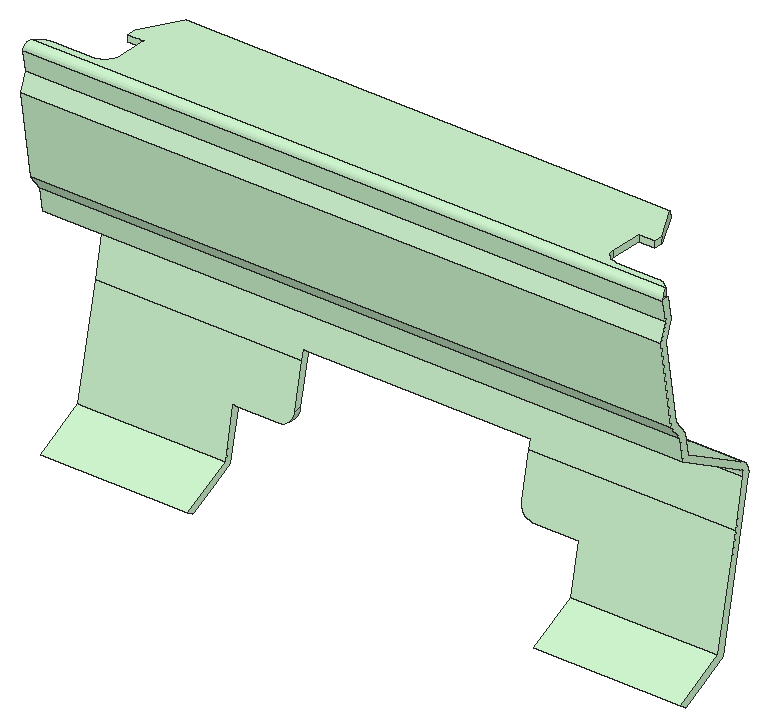
Revit family "spacer_ws75", category 機械設備, Revit 2020
Family settings
  丸型コネクタ寸法 = 直径を使用
  種別 = なし
  パーツ タイプ = 標準
  作業面ベース = いいえ
  常に垂直 = はい
  ロード時にボイドで切り取り = いいえ
  共有 = いいえ
  部屋計算ポイント = いいえ
Parameters
  製造元 = "株式会社桐井製作所"
  既定の高さ = 0 mm
  URL = "https://www.kirii.co.jp/"
  K_材質 = "SGCCまたはSGHC　一般用"
  K_品名 = "WS-75スペーサー"
  K_名称 = "スペーサー"
  K_単位質量(kg/個) = 0.032
  K_入数 = "600"
  K_バージョン情報 = "20210524"
  K_めっき付着量 = "Z12"
  K_JIS規格 = "JIS G 3302"
  K_JIS外 [instance] = not(K_JIS)  # no
  K_JIS [instance] = yes
Reference planes
  plane 1 "中心(正面/背面)": y = 0
  plane 2: z = 0
  plane 3 "中心(左/右)": x = 0
Forms (mm)
  Extrusion 1, solid
    sketch origin (0, 0, 0) x (0, 0.987688, 0.156434) y (0, -0.156434, 0.987688)
      loop
        line (0, 0) -> (-10.631, 1.684)
        arc (-10.631, 1.684) -> (-11.276, 1.502) -> (-11.556, 0.894) r 0.8
        line (-11.556, 0.894) -> (-11.556, -1.17) -> (-12.556, -2.902) -> (-12.556, -11.902) -> (-11.556, -13.634) -> (-11.556, -16.134) -> (-4.458, -21.483)
        arc (-4.458, -21.483) -> (-4.17, -21.901) -> (-4.193, -22.408) r 0.8
        line (-4.193, -22.408) -> (-5.984, -27.075) -> (-10.062, -37.698) -> (-15.555, -39.59) -> (-14.96, -40.126) -> (-12.168, -39.164) -> (-9.525, -38.253) -> (-3.539, -22.659)
        arc (-3.539, -22.659) -> (-3.498, -21.708) -> (-4.037, -20.923) r 1.5
        line (-4.037, -20.923) -> (-10.856, -15.785) -> (-10.856, -13.446) -> (-11.856, -11.714) -> (-11.856, -3.089) -> (-10.856, -1.357) -> (-10.856, 1.011) -> (0.274, -0.752) -> (0, 0)
    from -35 to 35
  Extrusion 2, void
    sketch origin (0, 0, 0) x (1, 0, 0) y (0, 1, 0)
      loop
        line (-28.8, -4.947) -> (-28.8, -3.947) -> (-26.5, 0.053) -> (26.5, 0.053) -> (28.8, -3.947) -> (28.8, -4.947) -> (27.05, -4.947) -> (27.05, -8.447)
        arc (27.05, -8.447) -> (27.489, -9.508) -> (28.55, -9.947) r 1.5
        line (28.55, -9.947) -> (33, -9.947)
        arc (33, -9.947) -> (34.414, -10.533) -> (35, -11.947) r 2
        line (35, -11.947) -> (35.8, -11.947) -> (35.8, 0.662) -> (-37.314, 0.662) -> (-37.314, -11.947) -> (-35, -11.947)
        arc (-35, -11.947) -> (-34.414, -10.533) -> (-33, -9.947) r 2
        line (-33, -9.947) -> (-28.55, -9.947)
        arc (-28.55, -9.947) -> (-27.489, -9.508) -> (-27.05, -8.447) r 1.5
        line (-27.05, -8.447) -> (-27.05, -4.947) -> (-28.8, -4.947)
    from -0.7 to 0
  Extrusion 3, void
    sketch origin (0, 0, 0) x (1, 0, 0) y (0, 0, 1)
      loop
        line (-18.9, -48.094) -> (18.9, -48.094) -> (18.9, -33.699) -> (13.9, -33.699)
        arc (13.9, -33.699) -> (12.839, -33.26) -> (12.4, -32.199) r 1.5
        line (12.4, -32.199) -> (12.4, -26.699) -> (-12.4, -26.699) -> (-12.4, -32.199)
        arc (-12.4, -32.199) -> (-12.839, -33.26) -> (-13.9, -33.699) r 1.5
        line (-13.9, -33.699) -> (-18.9, -33.699) -> (-18.9, -48.094)
    from -2.451 to 9.982
Cuts and joins
  Extrusion 2, Extrusion 3 cuts Extrusion 1
Dimensions and locks
  aligned and locked: level to plane 2
